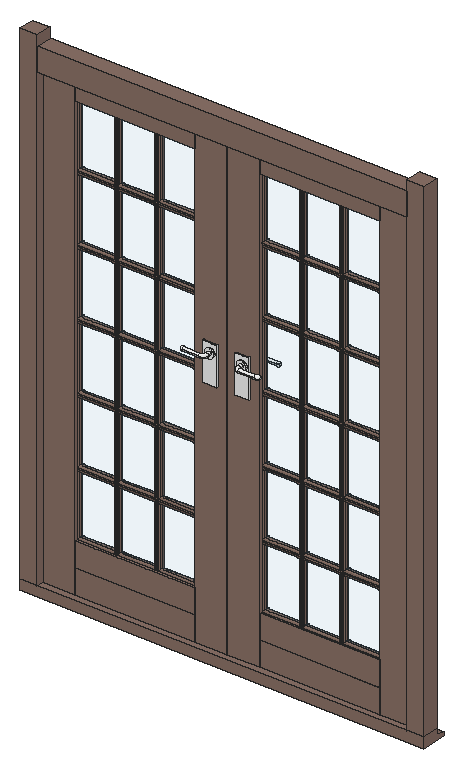
Revit family "DTI_A3-SD11-1612", category Doors, host Wall, Revit 2016
Family settings
  Host = Wall
  OmniClass Number = 23.30.10.00
  OmniClass Title = Doors
  Always vertical = Yes
  Cut with Voids When Loaded = No
  Shared = No
  Room Calculation Point = No
Parameters (values of type "SD11-1612")
  URL = "www.swartland.co.za"
  Rough Width = 961 mm
  Rough Height = 2518 mm
  Model = "SD11/1612"
  Manufacturer = "Swartland Doors & Windows"
  Function = Exterior
  Frame Width = 74 mm
  Height = Door Height + Frame Width + Cill Height  # 2150 mm
  Wall Closure = By host
  Width = Door Width + (Frame Width * 2)  # 1760 mm
  Frame Depth = 70 mm
  Door Width = 1612 mm
  Door Material = Meranti
  Door Height = 2032 mm
  Door Frame Material = Meranti
  Description = "Patio Door in Frame SD11/1612"
  Cill Height = 44 mm
  Assembly Code = ""
Reference planes
  plane 1 "Centre (Front/Back)": y = 0
  plane 2 "Center (Left/Right)": x = 0
  plane 3 "Left": x = -880
  plane 4 "Right": x = 880
  plane 5: z = 2150
  plane 6 "Exterior": y = 75
  plane 7 "Interior": y = -75
  plane 8: y = -35
  plane 9 "Frame exterior": y = 35
  plane 10: z = 2076
  plane 11: x = 806
  plane 12: x = -806
  plane 13 "Cill Level": z = 44
  plane 14 "Centre of door": y = 17.751
Forms (mm)
  Extrusion 1, solid, material "Meranti" <- "Door Frame Material"
    sketch origin (0, 0, 44) x (1, 0, 0) y (0, 1, 0)
      loop
        line (-880, 35) -> (-880, -35) -> (-806, -35) -> (-806, 35) -> (-880, 35)
    from 0 to 2150 <- "Height"
  Extrusion 2, solid, material "Meranti" <- "Door Frame Material"
    sketch origin (0, 0, 44) x (-1, 0, 0) y (0, -1, 0)
      loop
        line (-880, -35) -> (-806, -35) -> (-806, 35) -> (-880, 35) -> (-880, -35)
    from 0 to 2150 <- "Height"
  Extrusion 3, solid, material "Meranti" <- "Door Frame Material"
    sketch origin (0, 0, 0) x (0, 1, 0) y (0, 0, 1)
      loop
        line (-35, 44) -> (-35, 0) -> (75, 0) -> (75, 15) -> (35, 25.321) -> (35, 44) -> (-35, 44)
    from -880 to 880
  Extrusion 4, solid, material "Meranti"
    sketch origin (0, 0, 0) x (0, 1, 0) y (0, 0, 1)
      loop
        line (35, 2150) -> (-35, 2150) -> (-35, 2051) -> (-5, 2051) -> (-5, 2076) -> (35, 2076) -> (35, 2150)
    from 806 to -806
  Extrusion 5, solid, material "Meranti" <- "Door Material"
    sketch origin (0, 35, 0) x (0, 0, -1) y (-1, 0, 0)
      loop
        line (-44, -806) -> (-44, -666) -> (-2076, -666) -> (-2076, -806) -> (-44, -806)
    from -40 to 0
  Extrusion 6, solid, material "Meranti" <- "Door Material"
    sketch origin (605, 35, 0) x (0, 0, -1) y (-1, 0, 0)
      loop
        line (-44, 605) -> (-2076, 605) -> (-2076, 465) -> (-44, 465) -> (-44, 605)
    from -40 to 0
  Extrusion 7, solid, material "Meranti" <- "Door Material"
    sketch origin (0, 35, -1.104) x (0, 0, -1) y (-1, 0, 0)
      loop
        line (-45.104, -666) -> (-45.104, -140) -> (-150.786, -140) -> (-150.786, -666) -> (-45.104, -666)
    from 0 to -40
  Extrusion 8, solid, material "Meranti"
    sketch origin (0, 35, 0) x (0, 0, -1) y (-1, 0, 0)
      loop
        line (-1971, -666) -> (-1971, -140) -> (-2076, -140) -> (-2076, -666) -> (-1971, -666)
    from 0 to -40
  Extrusion 9, solid, material "Meranti" <- "Door Material"
    sketch origin (0, 35, 104.578) x (0, 0, -1) y (-1, 0, 0)
      loop
        line (-45.104, -666) -> (-45.104, -140) -> (-150.786, -140) -> (-150.786, -666) -> (-45.104, -666)
    from 0 to -40
  Extrusion 10, solid, material "Meranti"
    sketch origin (226.5, 17.751, 0) x (0, 0, 1) y (1, 0, 0)
      loop
        line (1971, 92.833) -> (255.364, 92.833) -> (255.364, 84.684) -> (1971, 84.684) -> (1971, 92.833)
    from 10 to -10
  Extrusion 11, solid, material "Meranti"
    sketch origin (0, 17.751, 0) x (0, 0, 1) y (1, 0, 0)
      loop
        line (1696.167, 666) -> (1688.167, 666) -> (1688.167, 140) -> (1696.167, 140) -> (1696.167, 666)
    from 10 to -10
  Extrusion 12, solid, material "Meranti"
    sketch origin (0, 17.751, -289.833) x (0, 0, 1) y (1, 0, 0)
      loop
        line (1696.167, 666) -> (1688.167, 666) -> (1688.167, 140) -> (1696.167, 140) -> (1696.167, 666)
    from 10 to -10
  Extrusion 13, solid, material "Meranti"
    sketch origin (0, 17.751, -579.667) x (0, 0, 1) y (1, 0, 0)
      loop
        line (1696.167, 666) -> (1688.167, 666) -> (1688.167, 140) -> (1696.167, 140) -> (1696.167, 666)
    from 10 to -10
  Extrusion 14, solid, material "Meranti"
    sketch origin (0, 17.751, -869.497) x (0, 0, 1) y (1, 0, 0)
      loop
        line (1696.167, 666) -> (1688.167, 666) -> (1688.167, 140) -> (1696.167, 140) -> (1696.167, 666)
    from 10 to -10
  Extrusion 15, solid, material "Meranti"
    sketch origin (0, 17.751, -1159.337) x (0, 0, 1) y (1, 0, 0)
      loop
        line (1696.167, 666) -> (1688.167, 666) -> (1688.167, 140) -> (1696.167, 140) -> (1696.167, 666)
    from 10 to -10
  Sweep 16, solid, material "Meranti"
    path origin (0, 17.751, 0) x (0, 0, 1) y (1, 0, 0)
      loop
        line (1971, 666) -> (1696.167, 666) -> (1696.167, 494.667) -> (1971, 494.667) -> (1971, 666)
    profile "Beading Profile : Beading Profile" origin (580.333, 17.751, 1971) x (0, 0, 1) y (0, 1, 0)
      loop
        line (0, 0) -> (0, 10.624)
        arc (0, 10.624) -> (-5.764, 9.652) -> (-10, 5.624) r 10
        line (-10, 5.624) -> (-10, -5.624)
        arc (-10, -5.624) -> (-5.764, -9.652) -> (0, -10.624) r 10
        line (0, -10.624) -> (0, 0)
  Sweep 17, solid, material "Meranti"
    path origin (0, 17.751, -282.829) x (0, 0, 1) y (1, 0, 0)
      loop
        line (1971, 666) -> (1689.163, 666) -> (1689.163, 494.667) -> (1971, 494.667) -> (1971, 666)
    profile "Beading Profile : Beading Profile" origin (580.333, 17.751, 1688.171) x (0, 0, 1) y (0, 1, 0)
      loop
        line (0, 0) -> (0, 10.624)
        arc (0, 10.624) -> (-5.764, 9.652) -> (-10, 5.624) r 10
        line (-10, 5.624) -> (-10, -5.624)
        arc (-10, -5.624) -> (-5.764, -9.652) -> (0, -10.624) r 10
        line (0, -10.624) -> (0, 0)
  Sweep 18, solid, material "Meranti"
    path origin (0, 17.751, -1442.166) x (0, 0, 1) y (1, 0, 0)
      loop
        line (1971, 666) -> (1697.53, 666) -> (1697.53, 494.667) -> (1971, 494.667) -> (1971, 666)
    profile "Beading Profile : Beading Profile" origin (580.333, 17.751, 528.834) x (0, 0, 1) y (0, 1, 0)
      loop
        line (0, 0) -> (0, 10.624)
        arc (0, 10.624) -> (-5.764, 9.652) -> (-10, 5.624) r 10
        line (-10, 5.624) -> (-10, -5.624)
        arc (-10, -5.624) -> (-5.764, -9.652) -> (0, -10.624) r 10
        line (0, -10.624) -> (0, 0)
  Extrusion 19, solid, material "Meranti" <- "Door Material"
    sketch origin (-605, 35, 0) x (0, 0, -1) y (-1, 0, 0)
      loop
        line (-44, -605) -> (-44, -465) -> (-2076, -465) -> (-2076, -605) -> (-44, -605)
    from -40 to 0
  Extrusion 20, solid, material "Meranti" <- "Door Material"
    sketch origin (0, 35, 0) x (0, 0, -1) y (-1, 0, 0)
      loop
        line (-44, 806) -> (-2076, 806) -> (-2076, 666) -> (-44, 666) -> (-44, 806)
    from -40 to 0
  Extrusion 21, solid, material "Meranti" <- "Door Material"
    sketch origin (-605, 35, -1.104) x (0, 0, -1) y (-1, 0, 0)
      loop
        line (-45.104, -465) -> (-45.104, 61) -> (-150.786, 61) -> (-150.786, -465) -> (-45.104, -465)
    from 0 to -40
  Extrusion 22, solid, material "Meranti"
    sketch origin (-605, 35, 0) x (0, 0, -1) y (-1, 0, 0)
      loop
        line (-1971, -465) -> (-1971, 61) -> (-2076, 61) -> (-2076, -465) -> (-1971, -465)
    from 0 to -40
  Extrusion 23, solid, material "Meranti" <- "Door Material"
    sketch origin (-605, 35, 104.578) x (0, 0, -1) y (-1, 0, 0)
      loop
        line (-45.104, -465) -> (-45.104, 61) -> (-150.786, 61) -> (-150.786, -465) -> (-45.104, -465)
    from 0 to -40
  Extrusion 24, solid, material "Meranti"
    sketch origin (401.833, 17.751, 0) x (0, 0, 1) y (1, 0, 0)
      loop
        line (1971, 92.833) -> (255.364, 92.833) -> (255.364, 84.684) -> (1971, 84.684) -> (1971, 92.833)
    from 10 to -10
  Sweep 25, solid, material "Meranti"
    path origin (-179.483, 17.751, 0) x (0, 0, 1) y (1, 0, 0)
      loop
        line (1971, 666) -> (1696.167, 666) -> (1696.167, 494.667) -> (1971, 494.667) -> (1971, 666)
    profile "Beading Profile : Beading Profile" origin (400.851, 17.751, 1971) x (0, 0, 1) y (0, 1, 0)
      loop
        line (0, 0) -> (0, 10.624)
        arc (0, 10.624) -> (-5.764, 9.652) -> (-10, 5.624) r 10
        line (-10, 5.624) -> (-10, -5.624)
        arc (-10, -5.624) -> (-5.764, -9.652) -> (0, -10.624) r 10
        line (0, -10.624) -> (0, 0)
  Sweep 26, solid, material "Meranti"
    path origin (-354.816, 17.751, 0) x (0, 0, 1) y (1, 0, 0)
      loop
        line (1971, 666) -> (1696.167, 666) -> (1696.167, 494.667) -> (1971, 494.667) -> (1971, 666)
    profile "Beading Profile : Beading Profile" origin (225.517, 17.751, 1971) x (0, 0, 1) y (0, 1, 0)
      loop
        line (0, 0) -> (0, 10.624)
        arc (0, 10.624) -> (-5.764, 9.652) -> (-10, 5.624) r 10
        line (-10, 5.624) -> (-10, -5.624)
        arc (-10, -5.624) -> (-5.764, -9.652) -> (0, -10.624) r 10
        line (0, -10.624) -> (0, 0)
  Sweep 27, solid, material "Meranti"
    path origin (-179.478, 17.751, -1442.166) x (0, 0, 1) y (1, 0, 0)
      loop
        line (1971, 666) -> (1697.53, 666) -> (1697.53, 494.667) -> (1971, 494.667) -> (1971, 666)
    profile "Beading Profile : Beading Profile" origin (400.856, 17.751, 528.834) x (0, 0, 1) y (0, 1, 0)
      loop
        line (0, 0) -> (0, 10.624)
        arc (0, 10.624) -> (-5.764, 9.652) -> (-10, 5.624) r 10
        line (-10, 5.624) -> (-10, -5.624)
        arc (-10, -5.624) -> (-5.764, -9.652) -> (0, -10.624) r 10
        line (0, -10.624) -> (0, 0)
  Sweep 28, solid, material "Meranti"
    path origin (-354.811, 17.751, -1442.166) x (0, 0, 1) y (1, 0, 0)
      loop
        line (1971, 666) -> (1697.53, 666) -> (1697.53, 494.667) -> (1971, 494.667) -> (1971, 666)
    profile "Beading Profile : Beading Profile" origin (225.522, 17.751, 528.834) x (0, 0, 1) y (0, 1, 0)
      loop
        line (0, 0) -> (0, 10.624)
        arc (0, 10.624) -> (-5.764, 9.652) -> (-10, 5.624) r 10
        line (-10, 5.624) -> (-10, -5.624)
        arc (-10, -5.624) -> (-5.764, -9.652) -> (0, -10.624) r 10
        line (0, -10.624) -> (0, 0)
  Sweep 29, solid, material "Meranti"
    path origin (-179.479, 17.751, -282.829) x (0, 0, 1) y (1, 0, 0)
      loop
        line (1971, 666) -> (1689.163, 666) -> (1689.163, 494.667) -> (1971, 494.667) -> (1971, 666)
    profile "Beading Profile : Beading Profile" origin (400.855, 17.751, 1688.171) x (0, 0, 1) y (0, 1, 0)
      loop
        line (0, 0) -> (0, 10.624)
        arc (0, 10.624) -> (-5.764, 9.652) -> (-10, 5.624) r 10
        line (-10, 5.624) -> (-10, -5.624)
        arc (-10, -5.624) -> (-5.764, -9.652) -> (0, -10.624) r 10
        line (0, -10.624) -> (0, 0)
  Sweep 30, solid, material "Meranti"
    path origin (-354.67, 17.751, -282.829) x (0, 0, 1) y (1, 0, 0)
      loop
        line (1971, 666) -> (1689.163, 666) -> (1689.163, 494.667) -> (1971, 494.667) -> (1971, 666)
    profile "Beading Profile : Beading Profile" origin (225.663, 17.751, 1688.171) x (0, 0, 1) y (0, 1, 0)
      loop
        line (0, 0) -> (0, 10.624)
        arc (0, 10.624) -> (-5.764, 9.652) -> (-10, 5.624) r 10
        line (-10, 5.624) -> (-10, -5.624)
        arc (-10, -5.624) -> (-5.764, -9.652) -> (0, -10.624) r 10
        line (0, -10.624) -> (0, 0)
  Sweep 31, solid, material "Meranti"
    path origin (0, 17.751, -572.662) x (0, 0, 1) y (1, 0, 0)
      loop
        line (1971, 666) -> (1689.163, 666) -> (1689.163, 494.667) -> (1971, 494.667) -> (1971, 666)
    profile "Beading Profile : Beading Profile" origin (580.333, 17.751, 1398.338) x (0, 0, 1) y (0, 1, 0)
      loop
        line (0, 0) -> (0, 10.624)
        arc (0, 10.624) -> (-5.764, 9.652) -> (-10, 5.624) r 10
        line (-10, 5.624) -> (-10, -5.624)
        arc (-10, -5.624) -> (-5.764, -9.652) -> (0, -10.624) r 10
        line (0, -10.624) -> (0, 0)
  Sweep 32, solid, material "Meranti"
    path origin (-179.479, 17.751, -572.662) x (0, 0, 1) y (1, 0, 0)
      loop
        line (1971, 666) -> (1689.163, 666) -> (1689.163, 494.667) -> (1971, 494.667) -> (1971, 666)
    profile "Beading Profile : Beading Profile" origin (400.855, 17.751, 1398.338) x (0, 0, 1) y (0, 1, 0)
      loop
        line (0, 0) -> (0, 10.624)
        arc (0, 10.624) -> (-5.764, 9.652) -> (-10, 5.624) r 10
        line (-10, 5.624) -> (-10, -5.624)
        arc (-10, -5.624) -> (-5.764, -9.652) -> (0, -10.624) r 10
        line (0, -10.624) -> (0, 0)
  Sweep 33, solid, material "Meranti"
    path origin (-354.67, 17.751, -572.662) x (0, 0, 1) y (1, 0, 0)
      loop
        line (1971, 666) -> (1689.163, 666) -> (1689.163, 494.667) -> (1971, 494.667) -> (1971, 666)
    profile "Beading Profile : Beading Profile" origin (225.663, 17.751, 1398.338) x (0, 0, 1) y (0, 1, 0)
      loop
        line (0, 0) -> (0, 10.624)
        arc (0, 10.624) -> (-5.764, 9.652) -> (-10, 5.624) r 10
        line (-10, 5.624) -> (-10, -5.624)
        arc (-10, -5.624) -> (-5.764, -9.652) -> (0, -10.624) r 10
        line (0, -10.624) -> (0, 0)
  Sweep 34, solid, material "Meranti"
    path origin (0, 17.751, -862.496) x (0, 0, 1) y (1, 0, 0)
      loop
        line (1971, 666) -> (1689.163, 666) -> (1689.163, 494.667) -> (1971, 494.667) -> (1971, 666)
    profile "Beading Profile : Beading Profile" origin (580.333, 17.751, 1108.504) x (0, 0, 1) y (0, 1, 0)
      loop
        line (0, 0) -> (0, 10.624)
        arc (0, 10.624) -> (-5.764, 9.652) -> (-10, 5.624) r 10
        line (-10, 5.624) -> (-10, -5.624)
        arc (-10, -5.624) -> (-5.764, -9.652) -> (0, -10.624) r 10
        line (0, -10.624) -> (0, 0)
  Sweep 35, solid, material "Meranti"
    path origin (-179.479, 17.751, -862.496) x (0, 0, 1) y (1, 0, 0)
      loop
        line (1971, 666) -> (1689.163, 666) -> (1689.163, 494.667) -> (1971, 494.667) -> (1971, 666)
    profile "Beading Profile : Beading Profile" origin (400.855, 17.751, 1108.504) x (0, 0, 1) y (0, 1, 0)
      loop
        line (0, 0) -> (0, 10.624)
        arc (0, 10.624) -> (-5.764, 9.652) -> (-10, 5.624) r 10
        line (-10, 5.624) -> (-10, -5.624)
        arc (-10, -5.624) -> (-5.764, -9.652) -> (0, -10.624) r 10
        line (0, -10.624) -> (0, 0)
  Sweep 36, solid, material "Meranti"
    path origin (-354.67, 17.751, -862.496) x (0, 0, 1) y (1, 0, 0)
      loop
        line (1971, 666) -> (1689.163, 666) -> (1689.163, 494.667) -> (1971, 494.667) -> (1971, 666)
    profile "Beading Profile : Beading Profile" origin (225.663, 17.751, 1108.504) x (0, 0, 1) y (0, 1, 0)
      loop
        line (0, 0) -> (0, 10.624)
        arc (0, 10.624) -> (-5.764, 9.652) -> (-10, 5.624) r 10
        line (-10, 5.624) -> (-10, -5.624)
        arc (-10, -5.624) -> (-5.764, -9.652) -> (0, -10.624) r 10
        line (0, -10.624) -> (0, 0)
  Sweep 37, solid, material "Meranti"
    path origin (0, 17.751, -1152.326) x (0, 0, 1) y (1, 0, 0)
      loop
        line (1971, 666) -> (1689.163, 666) -> (1689.163, 494.667) -> (1971, 494.667) -> (1971, 666)
    profile "Beading Profile : Beading Profile" origin (580.333, 17.751, 818.674) x (0, 0, 1) y (0, 1, 0)
      loop
        line (0, 0) -> (0, 10.624)
        arc (0, 10.624) -> (-5.764, 9.652) -> (-10, 5.624) r 10
        line (-10, 5.624) -> (-10, -5.624)
        arc (-10, -5.624) -> (-5.764, -9.652) -> (0, -10.624) r 10
        line (0, -10.624) -> (0, 0)
  Sweep 38, solid, material "Meranti"
    path origin (-179.479, 17.751, -1152.326) x (0, 0, 1) y (1, 0, 0)
      loop
        line (1971, 666) -> (1689.163, 666) -> (1689.163, 494.667) -> (1971, 494.667) -> (1971, 666)
    profile "Beading Profile : Beading Profile" origin (400.855, 17.751, 818.674) x (0, 0, 1) y (0, 1, 0)
      loop
        line (0, 0) -> (0, 10.624)
        arc (0, 10.624) -> (-5.764, 9.652) -> (-10, 5.624) r 10
        line (-10, 5.624) -> (-10, -5.624)
        arc (-10, -5.624) -> (-5.764, -9.652) -> (0, -10.624) r 10
        line (0, -10.624) -> (0, 0)
  Sweep 39, solid, material "Meranti"
    path origin (-354.67, 17.751, -1152.326) x (0, 0, 1) y (1, 0, 0)
      loop
        line (1971, 666) -> (1689.163, 666) -> (1689.163, 494.667) -> (1971, 494.667) -> (1971, 666)
    profile "Beading Profile : Beading Profile" origin (225.663, 17.751, 818.674) x (0, 0, 1) y (0, 1, 0)
      loop
        line (0, 0) -> (0, 10.624)
        arc (0, 10.624) -> (-5.764, 9.652) -> (-10, 5.624) r 10
        line (-10, 5.624) -> (-10, -5.624)
        arc (-10, -5.624) -> (-5.764, -9.652) -> (0, -10.624) r 10
        line (0, -10.624) -> (0, 0)
  Extrusion 40, solid, material "Meranti"
    sketch origin (-579.5, 17.751, 0) x (0, 0, 1) y (1, 0, 0)
      loop
        line (1971, 92.833) -> (255.364, 92.833) -> (255.364, 84.684) -> (1971, 84.684) -> (1971, 92.833)
    from 10 to -10
  Extrusion 41, solid, material "Meranti"
    sketch origin (-806, 17.751, 0) x (0, 0, 1) y (1, 0, 0)
      loop
        line (1696.167, 666) -> (1688.167, 666) -> (1688.167, 140) -> (1696.167, 140) -> (1696.167, 666)
    from 10 to -10
  Extrusion 42, solid, material "Meranti"
    sketch origin (-806, 17.751, -289.833) x (0, 0, 1) y (1, 0, 0)
      loop
        line (1696.167, 666) -> (1688.167, 666) -> (1688.167, 140) -> (1696.167, 140) -> (1696.167, 666)
    from 10 to -10
  Extrusion 43, solid, material "Meranti"
    sketch origin (-806, 17.751, -579.667) x (0, 0, 1) y (1, 0, 0)
      loop
        line (1696.167, 666) -> (1688.167, 666) -> (1688.167, 140) -> (1696.167, 140) -> (1696.167, 666)
    from 10 to -10
  Extrusion 44, solid, material "Meranti"
    sketch origin (-806, 17.751, -869.497) x (0, 0, 1) y (1, 0, 0)
      loop
        line (1696.167, 666) -> (1688.167, 666) -> (1688.167, 140) -> (1696.167, 140) -> (1696.167, 666)
    from 10 to -10
  Extrusion 45, solid, material "Meranti"
    sketch origin (-806, 17.751, -1159.337) x (0, 0, 1) y (1, 0, 0)
      loop
        line (1696.167, 666) -> (1688.167, 666) -> (1688.167, 140) -> (1696.167, 140) -> (1696.167, 666)
    from 10 to -10
  Sweep 46, solid, material "Meranti"
    path origin (-806, 17.751, 0) x (0, 0, 1) y (1, 0, 0)
      loop
        line (1971, 666) -> (1696.167, 666) -> (1696.167, 494.667) -> (1971, 494.667) -> (1971, 666)
    profile "Beading Profile : Beading Profile" origin (-225.667, 17.751, 1971) x (0, 0, 1) y (0, 1, 0)
      loop
        line (0, 0) -> (0, 10.624)
        arc (0, 10.624) -> (-5.764, 9.652) -> (-10, 5.624) r 10
        line (-10, 5.624) -> (-10, -5.624)
        arc (-10, -5.624) -> (-5.764, -9.652) -> (0, -10.624) r 10
        line (0, -10.624) -> (0, 0)
  Sweep 47, solid, material "Meranti"
    path origin (-806, 17.751, -282.829) x (0, 0, 1) y (1, 0, 0)
      loop
        line (1971, 666) -> (1689.163, 666) -> (1689.163, 494.667) -> (1971, 494.667) -> (1971, 666)
    profile "Beading Profile : Beading Profile" origin (-225.667, 17.751, 1688.171) x (0, 0, 1) y (0, 1, 0)
      loop
        line (0, 0) -> (0, 10.624)
        arc (0, 10.624) -> (-5.764, 9.652) -> (-10, 5.624) r 10
        line (-10, 5.624) -> (-10, -5.624)
        arc (-10, -5.624) -> (-5.764, -9.652) -> (0, -10.624) r 10
        line (0, -10.624) -> (0, 0)
  Sweep 48, solid, material "Meranti"
    path origin (-806, 17.751, -1442.166) x (0, 0, 1) y (1, 0, 0)
      loop
        line (1971, 666) -> (1697.53, 666) -> (1697.53, 494.667) -> (1971, 494.667) -> (1971, 666)
    profile "Beading Profile : Beading Profile" origin (-225.667, 17.751, 528.834) x (0, 0, 1) y (0, 1, 0)
      loop
        line (0, 0) -> (0, 10.624)
        arc (0, 10.624) -> (-5.764, 9.652) -> (-10, 5.624) r 10
        line (-10, 5.624) -> (-10, -5.624)
        arc (-10, -5.624) -> (-5.764, -9.652) -> (0, -10.624) r 10
        line (0, -10.624) -> (0, 0)
  Extrusion 49, solid, material "Meranti"
    sketch origin (-404.167, 17.751, 0) x (0, 0, 1) y (1, 0, 0)
      loop
        line (1971, 92.833) -> (255.364, 92.833) -> (255.364, 84.684) -> (1971, 84.684) -> (1971, 92.833)
    from 10 to -10
  Sweep 50, solid, material "Meranti"
    path origin (-985.483, 17.751, 0) x (0, 0, 1) y (1, 0, 0)
      loop
        line (1971, 666) -> (1696.167, 666) -> (1696.167, 494.667) -> (1971, 494.667) -> (1971, 666)
    profile "Beading Profile : Beading Profile" origin (-405.149, 17.751, 1971) x (0, 0, 1) y (0, 1, 0)
      loop
        line (0, 0) -> (0, 10.624)
        arc (0, 10.624) -> (-5.764, 9.652) -> (-10, 5.624) r 10
        line (-10, 5.624) -> (-10, -5.624)
        arc (-10, -5.624) -> (-5.764, -9.652) -> (0, -10.624) r 10
        line (0, -10.624) -> (0, 0)
  Sweep 51, solid, material "Meranti"
    path origin (-1160.816, 17.751, 0) x (0, 0, 1) y (1, 0, 0)
      loop
        line (1971, 666) -> (1696.167, 666) -> (1696.167, 494.667) -> (1971, 494.667) -> (1971, 666)
    profile "Beading Profile : Beading Profile" origin (-580.483, 17.751, 1971) x (0, 0, 1) y (0, 1, 0)
      loop
        line (0, 0) -> (0, 10.624)
        arc (0, 10.624) -> (-5.764, 9.652) -> (-10, 5.624) r 10
        line (-10, 5.624) -> (-10, -5.624)
        arc (-10, -5.624) -> (-5.764, -9.652) -> (0, -10.624) r 10
        line (0, -10.624) -> (0, 0)
  Sweep 52, solid, material "Meranti"
    path origin (-985.478, 17.751, -1442.166) x (0, 0, 1) y (1, 0, 0)
      loop
        line (1971, 666) -> (1697.53, 666) -> (1697.53, 494.667) -> (1971, 494.667) -> (1971, 666)
    profile "Beading Profile : Beading Profile" origin (-405.144, 17.751, 528.834) x (0, 0, 1) y (0, 1, 0)
      loop
        line (0, 0) -> (0, 10.624)
        arc (0, 10.624) -> (-5.764, 9.652) -> (-10, 5.624) r 10
        line (-10, 5.624) -> (-10, -5.624)
        arc (-10, -5.624) -> (-5.764, -9.652) -> (0, -10.624) r 10
        line (0, -10.624) -> (0, 0)
  Sweep 53, solid, material "Meranti"
    path origin (-1160.811, 17.751, -1442.166) x (0, 0, 1) y (1, 0, 0)
      loop
        line (1971, 666) -> (1697.53, 666) -> (1697.53, 494.667) -> (1971, 494.667) -> (1971, 666)
    profile "Beading Profile : Beading Profile" origin (-580.478, 17.751, 528.834) x (0, 0, 1) y (0, 1, 0)
      loop
        line (0, 0) -> (0, 10.624)
        arc (0, 10.624) -> (-5.764, 9.652) -> (-10, 5.624) r 10
        line (-10, 5.624) -> (-10, -5.624)
        arc (-10, -5.624) -> (-5.764, -9.652) -> (0, -10.624) r 10
        line (0, -10.624) -> (0, 0)
  Sweep 54, solid, material "Meranti"
    path origin (-985.479, 17.751, -282.829) x (0, 0, 1) y (1, 0, 0)
      loop
        line (1971, 666) -> (1689.163, 666) -> (1689.163, 494.667) -> (1971, 494.667) -> (1971, 666)
    profile "Beading Profile : Beading Profile" origin (-405.145, 17.751, 1688.171) x (0, 0, 1) y (0, 1, 0)
      loop
        line (0, 0) -> (0, 10.624)
        arc (0, 10.624) -> (-5.764, 9.652) -> (-10, 5.624) r 10
        line (-10, 5.624) -> (-10, -5.624)
        arc (-10, -5.624) -> (-5.764, -9.652) -> (0, -10.624) r 10
        line (0, -10.624) -> (0, 0)
  Sweep 55, solid, material "Meranti"
    path origin (-1160.67, 17.751, -282.829) x (0, 0, 1) y (1, 0, 0)
      loop
        line (1971, 666) -> (1689.163, 666) -> (1689.163, 494.667) -> (1971, 494.667) -> (1971, 666)
    profile "Beading Profile : Beading Profile" origin (-580.337, 17.751, 1688.171) x (0, 0, 1) y (0, 1, 0)
      loop
        line (0, 0) -> (0, 10.624)
        arc (0, 10.624) -> (-5.764, 9.652) -> (-10, 5.624) r 10
        line (-10, 5.624) -> (-10, -5.624)
        arc (-10, -5.624) -> (-5.764, -9.652) -> (0, -10.624) r 10
        line (0, -10.624) -> (0, 0)
  Sweep 56, solid, material "Meranti"
    path origin (-806, 17.751, -572.662) x (0, 0, 1) y (1, 0, 0)
      loop
        line (1971, 666) -> (1689.163, 666) -> (1689.163, 494.667) -> (1971, 494.667) -> (1971, 666)
    profile "Beading Profile : Beading Profile" origin (-225.667, 17.751, 1398.338) x (0, 0, 1) y (0, 1, 0)
      loop
        line (0, 0) -> (0, 10.624)
        arc (0, 10.624) -> (-5.764, 9.652) -> (-10, 5.624) r 10
        line (-10, 5.624) -> (-10, -5.624)
        arc (-10, -5.624) -> (-5.764, -9.652) -> (0, -10.624) r 10
        line (0, -10.624) -> (0, 0)
  Sweep 57, solid, material "Meranti"
    path origin (-985.479, 17.751, -572.662) x (0, 0, 1) y (1, 0, 0)
      loop
        line (1971, 666) -> (1689.163, 666) -> (1689.163, 494.667) -> (1971, 494.667) -> (1971, 666)
    profile "Beading Profile : Beading Profile" origin (-405.145, 17.751, 1398.338) x (0, 0, 1) y (0, 1, 0)
      loop
        line (0, 0) -> (0, 10.624)
        arc (0, 10.624) -> (-5.764, 9.652) -> (-10, 5.624) r 10
        line (-10, 5.624) -> (-10, -5.624)
        arc (-10, -5.624) -> (-5.764, -9.652) -> (0, -10.624) r 10
        line (0, -10.624) -> (0, 0)
  Sweep 58, solid, material "Meranti"
    path origin (-1160.67, 17.751, -572.662) x (0, 0, 1) y (1, 0, 0)
      loop
        line (1971, 666) -> (1689.163, 666) -> (1689.163, 494.667) -> (1971, 494.667) -> (1971, 666)
    profile "Beading Profile : Beading Profile" origin (-580.337, 17.751, 1398.338) x (0, 0, 1) y (0, 1, 0)
      loop
        line (0, 0) -> (0, 10.624)
        arc (0, 10.624) -> (-5.764, 9.652) -> (-10, 5.624) r 10
        line (-10, 5.624) -> (-10, -5.624)
        arc (-10, -5.624) -> (-5.764, -9.652) -> (0, -10.624) r 10
        line (0, -10.624) -> (0, 0)
  Sweep 59, solid, material "Meranti"
    path origin (-806, 17.751, -862.496) x (0, 0, 1) y (1, 0, 0)
      loop
        line (1971, 666) -> (1689.163, 666) -> (1689.163, 494.667) -> (1971, 494.667) -> (1971, 666)
    profile "Beading Profile : Beading Profile" origin (-225.667, 17.751, 1108.504) x (0, 0, 1) y (0, 1, 0)
      loop
        line (0, 0) -> (0, 10.624)
        arc (0, 10.624) -> (-5.764, 9.652) -> (-10, 5.624) r 10
        line (-10, 5.624) -> (-10, -5.624)
        arc (-10, -5.624) -> (-5.764, -9.652) -> (0, -10.624) r 10
        line (0, -10.624) -> (0, 0)
  Sweep 60, solid, material "Meranti"
    path origin (-985.479, 17.751, -862.496) x (0, 0, 1) y (1, 0, 0)
      loop
        line (1971, 666) -> (1689.163, 666) -> (1689.163, 494.667) -> (1971, 494.667) -> (1971, 666)
    profile "Beading Profile : Beading Profile" origin (-405.145, 17.751, 1108.504) x (0, 0, 1) y (0, 1, 0)
      loop
        line (0, 0) -> (0, 10.624)
        arc (0, 10.624) -> (-5.764, 9.652) -> (-10, 5.624) r 10
        line (-10, 5.624) -> (-10, -5.624)
        arc (-10, -5.624) -> (-5.764, -9.652) -> (0, -10.624) r 10
        line (0, -10.624) -> (0, 0)
  Sweep 61, solid, material "Meranti"
    path origin (-1160.67, 17.751, -862.496) x (0, 0, 1) y (1, 0, 0)
      loop
        line (1971, 666) -> (1689.163, 666) -> (1689.163, 494.667) -> (1971, 494.667) -> (1971, 666)
    profile "Beading Profile : Beading Profile" origin (-580.337, 17.751, 1108.504) x (0, 0, 1) y (0, 1, 0)
      loop
        line (0, 0) -> (0, 10.624)
        arc (0, 10.624) -> (-5.764, 9.652) -> (-10, 5.624) r 10
        line (-10, 5.624) -> (-10, -5.624)
        arc (-10, -5.624) -> (-5.764, -9.652) -> (0, -10.624) r 10
        line (0, -10.624) -> (0, 0)
  Sweep 62, solid, material "Meranti"
    path origin (-806, 17.751, -1152.326) x (0, 0, 1) y (1, 0, 0)
      loop
        line (1971, 666) -> (1689.163, 666) -> (1689.163, 494.667) -> (1971, 494.667) -> (1971, 666)
    profile "Beading Profile : Beading Profile" origin (-225.667, 17.751, 818.674) x (0, 0, 1) y (0, 1, 0)
      loop
        line (0, 0) -> (0, 10.624)
        arc (0, 10.624) -> (-5.764, 9.652) -> (-10, 5.624) r 10
        line (-10, 5.624) -> (-10, -5.624)
        arc (-10, -5.624) -> (-5.764, -9.652) -> (0, -10.624) r 10
        line (0, -10.624) -> (0, 0)
  Sweep 63, solid, material "Meranti"
    path origin (-985.479, 17.751, -1152.326) x (0, 0, 1) y (1, 0, 0)
      loop
        line (1971, 666) -> (1689.163, 666) -> (1689.163, 494.667) -> (1971, 494.667) -> (1971, 666)
    profile "Beading Profile : Beading Profile" origin (-405.145, 17.751, 818.674) x (0, 0, 1) y (0, 1, 0)
      loop
        line (0, 0) -> (0, 10.624)
        arc (0, 10.624) -> (-5.764, 9.652) -> (-10, 5.624) r 10
        line (-10, 5.624) -> (-10, -5.624)
        arc (-10, -5.624) -> (-5.764, -9.652) -> (0, -10.624) r 10
        line (0, -10.624) -> (0, 0)
  Sweep 64, solid, material "Meranti"
    path origin (-1160.67, 17.751, -1152.326) x (0, 0, 1) y (1, 0, 0)
      loop
        line (1971, 666) -> (1689.163, 666) -> (1689.163, 494.667) -> (1971, 494.667) -> (1971, 666)
    profile "Beading Profile : Beading Profile" origin (-580.337, 17.751, 818.674) x (0, 0, 1) y (0, 1, 0)
      loop
        line (0, 0) -> (0, 10.624)
        arc (0, 10.624) -> (-5.764, 9.652) -> (-10, 5.624) r 10
        line (-10, 5.624) -> (-10, -5.624)
        arc (-10, -5.624) -> (-5.764, -9.652) -> (0, -10.624) r 10
        line (0, -10.624) -> (0, 0)
  Extrusion 65, solid, material "Glass"
    sketch origin (0, 17.751, 0) x (0, 0, 1) y (1, 0, 0)
      loop
        line (1970.995, 665.996) -> (255.364, 665.996) -> (255.364, 140) -> (1970.995, 140) -> (1970.995, 665.996)
    from 2 to -2
  Extrusion 66, solid, material "Glass"
    sketch origin (0, 17.751, 0) x (0, 0, 1) y (1, 0, 0)
      loop
        line (1971, -140) -> (255.364, -140) -> (255.364, -666) -> (1971, -666) -> (1971, -140)
    from 2 to -2
Lines and regions (mm)
  Opening 1
    outline origin (-3050, -75, 0) x (1, 0, 0) y (0, 0, 1)
      loop
        line (2170, 0) -> (3930, 0) -> (3930, 2150) -> (2170, 2150) -> (2170, 0)
  symbolic lines
    curve 1: line (806, -35, 0) -> (806, -1647, 0)
    curve 2: arc (806, -1647, 0) -> (-333.856, -1174.856, 0) -> (-806, -35, 0) r 1612
  symbolic lines, style "Elevation Swing"
    curve 3: line (776, 75, 44) -> (0, 75, 1081.327)
    curve 4: line (0, 75, 1081.327) -> (776, 75, 2076)
    curve 5: line (-776, 75, 44) -> (0, 75, 1081.327)
    curve 6: line (0, 75, 1081.327) -> (-776, 75, 2076)
Text (mm)
  text "Exterior" at (-2295.016, 1099.543, 0), in view "Ref. Level"
  text "Exterior" at (0, 1615.38, 3698.081), in view "Left"
  text "Exterior" at (0, 1036.032, 3874.932), in view "Right"
Dimensions and locks
  equal spacing: plane 3 "Left", plane 2 "Center (Left/Right)", plane 4 "Right"
  plane 3 "Left" to plane 4 "Right" = 1760 mm
  locked: plane 6 "Exterior" to host wall at 0
  locked: plane 7 "Interior" to host wall
  equal spacing: plane 9 "Frame exterior", plane 1 "Centre (Front/Back)", plane 8
  "Frame Depth": plane 9 "Frame exterior" to plane 8
  "Frame Width": plane 10 to plane 5
  plane 9 "Frame exterior" to plane 8 = 70 mm  (x2)
  "Door Height": plane 13 "Cill Level" to plane 10
  "Cill Height": level to plane 13 "Cill Level"
  "Frame Width": plane 11 to plane 4 "Right"
  plane 3 "Left" to plane 12 = 74 mm
  level to Extrusion 3 = 44 mm
  "Frame Width": plane 3 "Left" to plane 12
  "Door Width": plane 12 to plane 11
  aligned and locked: plane 3 "Left" to Opening 1 sketch curve
  aligned and locked: plane 5 to Opening 1 sketch curve  (x2)
  aligned and locked: Opening 1 sketch curve to plane 4 "Right"
  aligned and locked: Opening 1 sketch curve to level
  aligned and locked: plane 1 "Centre (Front/Back)" to host wall
  aligned: Extrusion 2 to level
  aligned: Extrusion 1 to level
  aligned: plane 12 to Extrusion 3
  aligned: Extrusion 3 to plane 11
  aligned and locked: Extrusion 3 to host wall  (x2)
  aligned and locked: Extrusion 2 to plane 13 "Cill Level"
  aligned and locked: Extrusion 1 to plane 13 "Cill Level"
  aligned and locked: Extrusion 4 to plane 11
  aligned and locked: plane 12 to Extrusion 4
Automatic sketch dimensions
  Extrusion 1 sketch curve to plane 3 "Left" = 0 mm
  Extrusion 1 sketch curve to plane 9 "Frame exterior" = 0 mm
  Extrusion 1 sketch curve to plane 12 = 0 mm
  Extrusion 1 sketch curve to plane 8 = 0 mm
  Extrusion 2 sketch curve to plane 4 "Right" = 0 mm
  Extrusion 2 sketch curve to plane 9 "Frame exterior" = 0 mm
  Extrusion 2 sketch curve to plane 11 = 0 mm
  Extrusion 2 sketch curve to plane 8 = 0 mm
  Extrusion 3 sketch curve to level = 0 mm
  Extrusion 3 sketch curve to plane 8 = 0 mm
  Extrusion 3 sketch curve to plane 9 "Frame exterior" = 0 mm
  Extrusion 3 sketch curve to host wall = 0 mm
  Extrusion 3 sketch curve to plane 13 "Cill Level" = 0 mm
  level to Extrusion 3 sketch curve = 15 mm
  Extrusion 3 sketch curve to Extrusion 3 sketch curve = 18.679 mm
  plane 5 to Extrusion 4 sketch curve = 0 mm
  Extrusion 4 sketch curve to plane 8 = 0 mm
  plane 10 to Extrusion 4 sketch curve = 0 mm
  Extrusion 4 sketch curve to plane 9 "Frame exterior" = 0 mm
  host wall to Extrusion 4 sketch curve = 5 mm
  Extrusion 4 sketch curve to Extrusion 4 sketch curve = 25 mm
  Extrusion 5 sketch curve to plane 10 = 0 mm
  plane 11 to Extrusion 5 sketch curve = 0 mm
  Extrusion 5 sketch curve to plane 13 "Cill Level" = 0 mm
  Extrusion 5 sketch curve to Extrusion 5 sketch curve = 140 mm
  Extrusion 6 sketch curve to plane 2 "Center (Left/Right)" = 0 mm
  Extrusion 6 sketch curve to plane 10 = 0 mm
  Extrusion 6 sketch curve to plane 13 "Cill Level" = 0 mm
  plane 2 "Center (Left/Right)" to Extrusion 6 sketch curve = 140 mm
  Extrusion 7 sketch curve to plane 13 "Cill Level" = 0 mm
  plane 13 "Cill Level" to Extrusion 7 sketch curve = 105.682 mm
  plane 11 to Extrusion 7 sketch curve = 140 mm
  plane 2 "Center (Left/Right)" to Extrusion 7 sketch curve = 140 mm
  curve 5 to plane 13 "Cill Level" = 0 mm
  curve 6 to plane 10 = 0 mm
  curve 6 to plane 2 "Center (Left/Right)" = 0 mm
  curve 4 to plane 10 = 0 mm
  curve 3 to plane 13 "Cill Level" = 0 mm
  curve 6 to plane 12 = 30 mm
  curve 5 to plane 12 = 30 mm
  plane 11 to curve 4 = 30 mm
  plane 11 to curve 3 = 30 mm
  plane 10 to curve 6 = 994.673 mm
  curve 2 to plane 8 = 0 mm
  curve 2 to plane 12 = 0 mm
  curve 2 to plane 11 = 0 mm
  curve 1 to plane 8 = 0 mm
  Extrusion 8 sketch curve to plane 10 = 0 mm
  plane 10 to Extrusion 8 sketch curve = 105 mm
  plane 11 to Extrusion 8 sketch curve = 140 mm
  plane 2 "Center (Left/Right)" to Extrusion 8 sketch curve = 140 mm
  plane 13 "Cill Level" to Extrusion 9 sketch curve = 211.364 mm
  Extrusion 9 sketch curve to Extrusion 9 sketch curve = 105.682 mm
  plane 11 to Extrusion 9 sketch curve = 140 mm
  plane 2 "Center (Left/Right)" to Extrusion 9 sketch curve = 140 mm
  plane 13 "Cill Level" to Extrusion 10 sketch curve = 211.364 mm
  plane 10 to Extrusion 10 sketch curve = 105 mm
  plane 2 "Center (Left/Right)" to Extrusion 10 sketch curve = 311.184 mm
  Extrusion 10 sketch curve to Extrusion 10 sketch curve = 8.149 mm
  plane 11 to Extrusion 11 sketch curve = 140 mm
  plane 10 to Extrusion 11 sketch curve = 387.833 mm
  Extrusion 11 sketch curve to Extrusion 11 sketch curve = 8 mm
  plane 2 "Center (Left/Right)" to Extrusion 11 sketch curve = 140 mm
  plane 11 to Extrusion 12 sketch curve = 140 mm
  plane 10 to Extrusion 12 sketch curve = 677.666 mm
  Extrusion 12 sketch curve to Extrusion 12 sketch curve = 8 mm
  plane 2 "Center (Left/Right)" to Extrusion 12 sketch curve = 140 mm
  plane 11 to Extrusion 13 sketch curve = 140 mm
  plane 10 to Extrusion 13 sketch curve = 967.5 mm
  Extrusion 13 sketch curve to Extrusion 13 sketch curve = 8 mm
  plane 2 "Center (Left/Right)" to Extrusion 13 sketch curve = 140 mm
  plane 11 to Extrusion 14 sketch curve = 140 mm
  plane 13 "Cill Level" to Extrusion 14 sketch curve = 774.67 mm
  Extrusion 14 sketch curve to Extrusion 14 sketch curve = 8 mm
  plane 2 "Center (Left/Right)" to Extrusion 14 sketch curve = 140 mm
  plane 11 to Extrusion 15 sketch curve = 140 mm
  plane 13 "Cill Level" to Extrusion 15 sketch curve = 484.83 mm
  Extrusion 15 sketch curve to Extrusion 15 sketch curve = 8 mm
  plane 2 "Center (Left/Right)" to Extrusion 15 sketch curve = 140 mm
  plane 11 to Sweep 16 sketch curve = 140 mm
  plane 10 to Sweep 16 sketch curve = 379.833 mm
  plane 10 to Sweep 16 sketch curve = 105 mm
  Sweep 16 sketch curve to Sweep 16 sketch curve = 171.333 mm
  plane 11 to Sweep 17 sketch curve = 140 mm
  plane 10 to Sweep 17 sketch curve = 669.666 mm
  Sweep 17 sketch curve to Sweep 17 sketch curve = 281.837 mm
  Sweep 17 sketch curve to Sweep 17 sketch curve = 171.333 mm
  plane 13 "Cill Level" to Sweep 18 sketch curve = 211.364 mm
  Sweep 18 sketch curve to Sweep 18 sketch curve = 273.47 mm
  plane 11 to Sweep 18 sketch curve = 311.333 mm
  plane 11 to Sweep 18 sketch curve = 140 mm
  Extrusion 19 sketch curve to plane 2 "Center (Left/Right)" = 0 mm
  Extrusion 19 sketch curve to plane 10 = 0 mm
  Extrusion 19 sketch curve to plane 13 "Cill Level" = 0 mm
  Extrusion 19 sketch curve to Extrusion 19 sketch curve = 140 mm
  Extrusion 20 sketch curve to plane 10 = 0 mm
  plane 12 to Extrusion 20 sketch curve = 0 mm
  Extrusion 20 sketch curve to plane 13 "Cill Level" = 0 mm
  Extrusion 20 sketch curve to plane 12 = 140 mm
  Extrusion 21 sketch curve to plane 13 "Cill Level" = 0 mm
  plane 13 "Cill Level" to Extrusion 21 sketch curve = 105.682 mm
  Extrusion 21 sketch curve to plane 2 "Center (Left/Right)" = 140 mm
  Extrusion 21 sketch curve to plane 12 = 140 mm
  Extrusion 22 sketch curve to plane 10 = 0 mm
  plane 10 to Extrusion 22 sketch curve = 105 mm
  Extrusion 22 sketch curve to plane 2 "Center (Left/Right)" = 140 mm
  Extrusion 22 sketch curve to plane 12 = 140 mm
  plane 13 "Cill Level" to Extrusion 23 sketch curve = 211.364 mm
  plane 13 "Cill Level" to Extrusion 23 sketch curve = 105.682 mm
  Extrusion 23 sketch curve to plane 2 "Center (Left/Right)" = 140 mm
  Extrusion 23 sketch curve to plane 12 = 140 mm
  plane 13 "Cill Level" to Extrusion 24 sketch curve = 211.364 mm
  plane 10 to Extrusion 24 sketch curve = 105 mm
  plane 11 to Extrusion 24 sketch curve = 319.483 mm
  Extrusion 24 sketch curve to Extrusion 24 sketch curve = 8.149 mm
  plane 10 to Sweep 25 sketch curve = 379.833 mm
  plane 10 to Sweep 25 sketch curve = 105 mm
  plane 2 "Center (Left/Right)" to Sweep 25 sketch curve = 315.184 mm
  Sweep 25 sketch curve to Sweep 25 sketch curve = 171.333 mm
  plane 10 to Sweep 26 sketch curve = 379.833 mm
  plane 10 to Sweep 26 sketch curve = 105 mm
  plane 2 "Center (Left/Right)" to Sweep 26 sketch curve = 139.851 mm
  Sweep 26 sketch curve to Sweep 26 sketch curve = 171.333 mm
  plane 13 "Cill Level" to Sweep 27 sketch curve = 211.364 mm
  Sweep 27 sketch curve to Sweep 27 sketch curve = 273.47 mm
  plane 2 "Center (Left/Right)" to Sweep 27 sketch curve = 315.189 mm
  Sweep 27 sketch curve to Sweep 27 sketch curve = 171.333 mm
  plane 13 "Cill Level" to Sweep 28 sketch curve = 211.364 mm
  Sweep 28 sketch curve to Sweep 28 sketch curve = 273.47 mm
  plane 2 "Center (Left/Right)" to Sweep 28 sketch curve = 139.856 mm
  Sweep 28 sketch curve to Sweep 28 sketch curve = 171.333 mm
  plane 11 to Sweep 29 sketch curve = 319.479 mm
  plane 10 to Sweep 29 sketch curve = 669.666 mm
  Sweep 29 sketch curve to Sweep 29 sketch curve = 281.837 mm
  Sweep 29 sketch curve to Sweep 29 sketch curve = 171.333 mm
  plane 2 "Center (Left/Right)" to Sweep 30 sketch curve = 311.33 mm
  plane 10 to Sweep 30 sketch curve = 669.666 mm
  Sweep 30 sketch curve to Sweep 30 sketch curve = 281.837 mm
  plane 2 "Center (Left/Right)" to Sweep 30 sketch curve = 139.996 mm
  plane 11 to Sweep 31 sketch curve = 140 mm
  plane 10 to Sweep 31 sketch curve = 959.499 mm
  Sweep 31 sketch curve to Sweep 31 sketch curve = 281.837 mm
  Sweep 31 sketch curve to Sweep 31 sketch curve = 171.333 mm
  plane 11 to Sweep 32 sketch curve = 319.479 mm
  plane 10 to Sweep 32 sketch curve = 959.499 mm
  Sweep 32 sketch curve to Sweep 32 sketch curve = 281.837 mm
  Sweep 32 sketch curve to Sweep 32 sketch curve = 171.333 mm
  plane 2 "Center (Left/Right)" to Sweep 33 sketch curve = 311.33 mm
  plane 10 to Sweep 33 sketch curve = 959.499 mm
  Sweep 33 sketch curve to Sweep 33 sketch curve = 281.837 mm
  plane 2 "Center (Left/Right)" to Sweep 33 sketch curve = 139.996 mm
  plane 11 to Sweep 34 sketch curve = 140 mm
  plane 13 "Cill Level" to Sweep 34 sketch curve = 782.667 mm
  Sweep 34 sketch curve to Sweep 34 sketch curve = 281.837 mm
  Sweep 34 sketch curve to Sweep 34 sketch curve = 171.333 mm
  plane 11 to Sweep 35 sketch curve = 319.479 mm
  plane 13 "Cill Level" to Sweep 35 sketch curve = 782.667 mm
  Sweep 35 sketch curve to Sweep 35 sketch curve = 281.837 mm
  Sweep 35 sketch curve to Sweep 35 sketch curve = 171.333 mm
  plane 2 "Center (Left/Right)" to Sweep 36 sketch curve = 311.33 mm
  plane 13 "Cill Level" to Sweep 36 sketch curve = 782.667 mm
  Sweep 36 sketch curve to Sweep 36 sketch curve = 281.837 mm
  plane 2 "Center (Left/Right)" to Sweep 36 sketch curve = 139.996 mm
  plane 11 to Sweep 37 sketch curve = 140 mm
  plane 13 "Cill Level" to Sweep 37 sketch curve = 492.837 mm
  Sweep 37 sketch curve to Sweep 37 sketch curve = 281.837 mm
  Sweep 37 sketch curve to Sweep 37 sketch curve = 171.333 mm
  plane 13 "Cill Level" to Sweep 38 sketch curve = 492.837 mm
  Sweep 38 sketch curve to Sweep 38 sketch curve = 281.837 mm
  plane 2 "Center (Left/Right)" to Sweep 38 sketch curve = 315.188 mm
  Sweep 38 sketch curve to Sweep 38 sketch curve = 171.333 mm
  plane 13 "Cill Level" to Sweep 39 sketch curve = 492.837 mm
  Sweep 39 sketch curve to Sweep 39 sketch curve = 281.837 mm
  plane 2 "Center (Left/Right)" to Sweep 39 sketch curve = 139.996 mm
  Sweep 39 sketch curve to Sweep 39 sketch curve = 171.333 mm
  plane 13 "Cill Level" to Extrusion 40 sketch curve = 211.364 mm
  plane 10 to Extrusion 40 sketch curve = 105 mm
  Extrusion 40 sketch curve to plane 12 = 311.184 mm
  Extrusion 40 sketch curve to Extrusion 40 sketch curve = 8.149 mm
  Extrusion 41 sketch curve to plane 2 "Center (Left/Right)" = 140 mm
  plane 10 to Extrusion 41 sketch curve = 387.833 mm
  Extrusion 41 sketch curve to Extrusion 41 sketch curve = 8 mm
  Extrusion 41 sketch curve to plane 12 = 140 mm
  Extrusion 42 sketch curve to plane 2 "Center (Left/Right)" = 140 mm
  plane 10 to Extrusion 42 sketch curve = 677.666 mm
  Extrusion 42 sketch curve to Extrusion 42 sketch curve = 8 mm
  Extrusion 42 sketch curve to plane 12 = 140 mm
  Extrusion 43 sketch curve to plane 2 "Center (Left/Right)" = 140 mm
  plane 10 to Extrusion 43 sketch curve = 967.5 mm
  Extrusion 43 sketch curve to Extrusion 43 sketch curve = 8 mm
  Extrusion 43 sketch curve to plane 12 = 140 mm
  Extrusion 44 sketch curve to plane 2 "Center (Left/Right)" = 140 mm
  plane 13 "Cill Level" to Extrusion 44 sketch curve = 774.67 mm
  Extrusion 44 sketch curve to Extrusion 44 sketch curve = 8 mm
  Extrusion 44 sketch curve to plane 12 = 140 mm
  Extrusion 45 sketch curve to plane 2 "Center (Left/Right)" = 140 mm
  plane 13 "Cill Level" to Extrusion 45 sketch curve = 484.83 mm
  Extrusion 45 sketch curve to Extrusion 45 sketch curve = 8 mm
  Extrusion 45 sketch curve to plane 12 = 140 mm
  Sweep 46 sketch curve to plane 2 "Center (Left/Right)" = 140 mm
  plane 10 to Sweep 46 sketch curve = 379.833 mm
  plane 10 to Sweep 46 sketch curve = 105 mm
  Sweep 46 sketch curve to Sweep 46 sketch curve = 171.333 mm
  Sweep 47 sketch curve to plane 2 "Center (Left/Right)" = 140 mm
  plane 10 to Sweep 47 sketch curve = 669.666 mm
  Sweep 47 sketch curve to Sweep 47 sketch curve = 281.837 mm
  Sweep 47 sketch curve to Sweep 47 sketch curve = 171.333 mm
  plane 13 "Cill Level" to Sweep 48 sketch curve = 211.364 mm
  Sweep 48 sketch curve to Sweep 48 sketch curve = 273.47 mm
  Sweep 48 sketch curve to plane 2 "Center (Left/Right)" = 311.333 mm
  Sweep 48 sketch curve to plane 2 "Center (Left/Right)" = 140 mm
  plane 13 "Cill Level" to Extrusion 49 sketch curve = 211.364 mm
  plane 10 to Extrusion 49 sketch curve = 105 mm
  Extrusion 49 sketch curve to plane 2 "Center (Left/Right)" = 319.483 mm
  Extrusion 49 sketch curve to Extrusion 49 sketch curve = 8.149 mm
  plane 10 to Sweep 50 sketch curve = 379.833 mm
  plane 10 to Sweep 50 sketch curve = 105 mm
  Sweep 50 sketch curve to plane 12 = 315.184 mm
  Sweep 50 sketch curve to Sweep 50 sketch curve = 171.333 mm
  plane 10 to Sweep 51 sketch curve = 379.833 mm
  plane 10 to Sweep 51 sketch curve = 105 mm
  Sweep 51 sketch curve to plane 12 = 139.851 mm
  Sweep 51 sketch curve to Sweep 51 sketch curve = 171.333 mm
  plane 13 "Cill Level" to Sweep 52 sketch curve = 211.364 mm
  Sweep 52 sketch curve to Sweep 52 sketch curve = 273.47 mm
  Sweep 52 sketch curve to plane 12 = 315.189 mm
  Sweep 52 sketch curve to Sweep 52 sketch curve = 171.333 mm
  plane 13 "Cill Level" to Sweep 53 sketch curve = 211.364 mm
  Sweep 53 sketch curve to Sweep 53 sketch curve = 273.47 mm
  Sweep 53 sketch curve to plane 12 = 139.856 mm
  Sweep 53 sketch curve to Sweep 53 sketch curve = 171.333 mm
  Sweep 54 sketch curve to plane 2 "Center (Left/Right)" = 319.479 mm
  plane 10 to Sweep 54 sketch curve = 669.666 mm
  Sweep 54 sketch curve to Sweep 54 sketch curve = 281.837 mm
  Sweep 54 sketch curve to Sweep 54 sketch curve = 171.333 mm
  Sweep 55 sketch curve to plane 12 = 311.33 mm
  plane 10 to Sweep 55 sketch curve = 669.666 mm
  Sweep 55 sketch curve to Sweep 55 sketch curve = 281.837 mm
  Sweep 55 sketch curve to plane 12 = 139.996 mm
  Sweep 56 sketch curve to plane 2 "Center (Left/Right)" = 140 mm
  plane 10 to Sweep 56 sketch curve = 959.499 mm
  Sweep 56 sketch curve to Sweep 56 sketch curve = 281.837 mm
  Sweep 56 sketch curve to Sweep 56 sketch curve = 171.333 mm
  Sweep 57 sketch curve to plane 2 "Center (Left/Right)" = 319.479 mm
  plane 10 to Sweep 57 sketch curve = 959.499 mm
  Sweep 57 sketch curve to Sweep 57 sketch curve = 281.837 mm
  Sweep 57 sketch curve to Sweep 57 sketch curve = 171.333 mm
  Sweep 58 sketch curve to plane 12 = 311.33 mm
  plane 10 to Sweep 58 sketch curve = 959.499 mm
  Sweep 58 sketch curve to Sweep 58 sketch curve = 281.837 mm
  Sweep 58 sketch curve to plane 12 = 139.996 mm
  Sweep 59 sketch curve to plane 2 "Center (Left/Right)" = 140 mm
  plane 13 "Cill Level" to Sweep 59 sketch curve = 782.667 mm
  Sweep 59 sketch curve to Sweep 59 sketch curve = 281.837 mm
  Sweep 59 sketch curve to Sweep 59 sketch curve = 171.333 mm
  Sweep 60 sketch curve to plane 2 "Center (Left/Right)" = 319.479 mm
  plane 13 "Cill Level" to Sweep 60 sketch curve = 782.667 mm
  Sweep 60 sketch curve to Sweep 60 sketch curve = 281.837 mm
  Sweep 60 sketch curve to Sweep 60 sketch curve = 171.333 mm
  Sweep 61 sketch curve to plane 12 = 311.33 mm
  plane 13 "Cill Level" to Sweep 61 sketch curve = 782.667 mm
  Sweep 61 sketch curve to Sweep 61 sketch curve = 281.837 mm
  Sweep 61 sketch curve to plane 12 = 139.996 mm
  Sweep 62 sketch curve to plane 2 "Center (Left/Right)" = 140 mm
  plane 13 "Cill Level" to Sweep 62 sketch curve = 492.837 mm
  Sweep 62 sketch curve to Sweep 62 sketch curve = 281.837 mm
  Sweep 62 sketch curve to Sweep 62 sketch curve = 171.333 mm
  plane 13 "Cill Level" to Sweep 63 sketch curve = 492.837 mm
  Sweep 63 sketch curve to Sweep 63 sketch curve = 281.837 mm
  Sweep 63 sketch curve to plane 12 = 315.188 mm
  Sweep 63 sketch curve to Sweep 63 sketch curve = 171.333 mm
  plane 13 "Cill Level" to Sweep 64 sketch curve = 492.837 mm
  Sweep 64 sketch curve to Sweep 64 sketch curve = 281.837 mm
  Sweep 64 sketch curve to plane 12 = 139.996 mm
  Sweep 64 sketch curve to Sweep 64 sketch curve = 171.333 mm
  plane 13 "Cill Level" to Extrusion 65 sketch curve = 211.364 mm
  plane 10 to Extrusion 65 sketch curve = 105.005 mm
  plane 2 "Center (Left/Right)" to Extrusion 65 sketch curve = 140 mm
  plane 11 to Extrusion 65 sketch curve = 140.004 mm
  plane 13 "Cill Level" to Extrusion 66 sketch curve = 211.364 mm
  plane 10 to Extrusion 66 sketch curve = 105 mm
  Extrusion 66 sketch curve to plane 12 = 140 mm
  Extrusion 66 sketch curve to plane 2 "Center (Left/Right)" = 140 mm
Nested families
  nested 1: "Handle Domestic (1)" at (5, -5, 1200), type "Handle Domestic (1)"
  nested 2: "Handle Domestic (1)" at (5, 35, 1200), type "Handle Domestic (1)"
  nested 3: "Handle Domestic (1)" at (-5, -5, 1200) x (-1, 0, 0) z (0, 0, 1), type "Handle Domestic (1)"
  nested 4: "Handle Domestic (1)" at (-5, 35, 1200) x (-1, 0, 0) z (0, 0, 1), type "Handle Domestic (1)"
Definition of nested family "Handle Domestic (1)"
  Parameters
    Manufacturer = "Revit"
    Material Ironmongery = none
    Handle Z Distance = 0 mm
    Handle X Distance = 65 mm
    Function = (empty or 0)
  Reference planes
    plane 1 "Center (Front/Back)": y = 0
    plane 2: z = 0
    plane 3 "Center (Left/Right)": x = 0
    plane 4: z = 0
    plane 5: x = 65
  Forms (mm)
    Extrusion 1, solid, material <- "Material Ironmongery", detail levels medium+fine
      sketch origin (0, 0, 0) x (1, 0, 0) y (0, 0, 1)
        loop
          line (35, 40) -> (35, -125) -> (95, -125) -> (95, 40) -> (35, 40)
      from 0 to -6
    Sweep 2, solid, material <- "Material Ironmongery", detail levels medium+fine
      path origin (0, 0, 0) x (0, -1, 0) y (1, 0, 0)
        loop
          line (-10.593, 65) -> (-26, 65)
          arc (-26, 65) -> (-36.607, 69.393) -> (-41, 80) r 15
          line (-41, 80) -> (-41, 152)
          arc (-41, 152) -> (-38.657, 157.657) -> (-33, 160) r 8
      profile origin (0, 18.296, 0) x (-1, 0, 0) y (0, 0, 1)
        loop
          circle (-65, 0) r 7
    Extrusion 3, solid, material <- "Material Ironmongery", detail levels medium+fine
      sketch origin (0, 0, 0) x (1, 0, 0) y (0, 0, 1)
        loop
          circle (65, 0) r 20
      from -6 to -10.593
  Dimensions and locks
    "Handle Z Distance": plane 4 to level
    "Handle X Distance": plane 5 to plane 3 "Center (Left/Right)"
    aligned and locked: Extrusion 1 to Extrusion 3
    aligned and locked: Extrusion 3 to Sweep 2 sketch curve
  Automatic sketch dimensions
    Sweep 2 sketch curve to plane 4 = 0 mm
    Sweep 2 sketch curve to profile plane = 0 mm
    Extrusion 3 sketch curve to plane 4 = 0 mm
    Extrusion 3 sketch curve to plane 5 = 0 mm
    Sweep 2 sketch curve to plane 5 = 0 mm
    Sweep 2 sketch curve to plane 1 "Center (Front/Back)" = 41 mm
    Sweep 2 sketch curve to Sweep 2 sketch curve = 8 mm
    Sweep 2 sketch curve to Sweep 2 sketch curve = 15 mm
    Sweep 2 sketch curve to Sweep 2 sketch curve = 72 mm
    plane 5 to Extrusion 1 sketch curve = 30 mm
    Extrusion 1 sketch curve to plane 5 = 30 mm
    plane 4 to Extrusion 1 sketch curve = 125 mm
    Extrusion 1 sketch curve to plane 4 = 40 mm
    radius of Sweep 2 sketch curve = 7 mm
    radius of Extrusion 3 sketch curve = 20 mm
